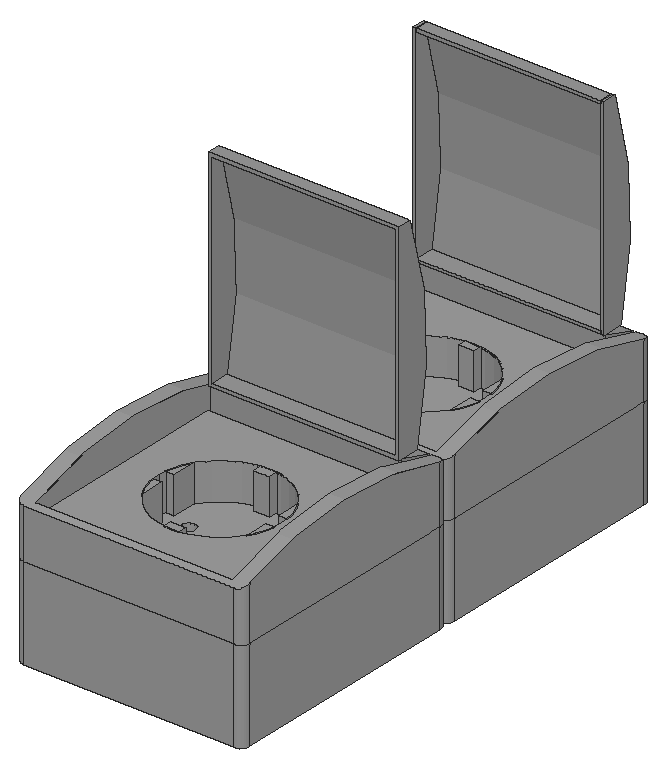
Revit family "2CKA002084A0719", category Electrical Fixtures, host Face, Revit 2014
Parameters
  Default Elevation = 1219.2 mm
Reference planes
  plane 1 "Center (Front/Back)": y = -41.5
  plane 2: z = 0
  plane 3 "Center (Left/Right)": x = 0
Forms (mm)
  Extrusion 1, solid, material "White", detail levels fine
    sketch origin (0, -83, 0) x (1, 0, 0) y (0, 1, 0)
      loop
        arc (-34, 41.5) -> (-36.121, 40.621) -> (-37, 38.5) r 3
        line (-37, 38.5) -> (-37, -38.5)
        arc (-37, -38.5) -> (-36.121, -40.621) -> (-34, -41.5) r 3
        line (-34, -41.5) -> (34, -41.5)
        arc (34, -41.5) -> (36.121, -40.621) -> (37, -38.5) r 3
        line (37, -38.5) -> (37, 38.5)
        arc (37, 38.5) -> (36.121, 40.621) -> (34, 41.5) r 3
        line (34, 41.5) -> (32, 41.5) -> (32, -39.5) -> (-32, -39.5) -> (-32, 41.5) -> (-34, 41.5)
    from 30 to 55
  Extrusion 2, solid, material "White", detail levels fine
    sketch origin (0, -83, 0) x (1, 0, 0) y (0, 1, 0)
      loop
        arc (-34, 41.5) -> (-36.121, 40.621) -> (-37, 38.5) r 3
        line (-37, 38.5) -> (-37, -38.5)
        arc (-37, -38.5) -> (-36.121, -40.621) -> (-34, -41.5) r 3
        line (-34, -41.5) -> (34, -41.5)
        arc (34, -41.5) -> (36.121, -40.621) -> (37, -38.5) r 3
        line (37, -38.5) -> (37, 38.5)
        arc (37, 38.5) -> (36.121, 40.621) -> (34, 41.5) r 3
        line (34, 41.5) -> (-34, 41.5)
    from 0 to 30
  Extrusion 3, solid, material "Blue", detail levels fine
    sketch origin (0, -83, 0) x (1, 0, 0) y (0, 1, 0)
      loop
        line (-31, 30.5) -> (31, 30.5) -> (31, 41.5) -> (-31, 41.5) -> (-31, 30.5)
    from 30 to 55
  Extrusion 4, void
    sketch origin (0, -83, 0) x (0, 1, 0) y (0, 0, 1)
      loop
        line (41.5, 47.95) -> (41.5, 81.018) -> (-72.183, 81.018) -> (-72.183, 27.614)
        arc (-72.183, 27.614) -> (-18.079, 53.087) -> (41.5, 47.95) r 115
    from -60.88 to 44.798
  Extrusion 5, solid, material "White", detail levels coarse
    sketch origin (0, -83, 0) x (1, 0, 0) y (0, 1, 0)
      loop
        line (-37, -41.5) -> (37, -41.5) -> (37, 124.5) -> (-37, 124.5) -> (-37, -41.5)
    from 0 to 55
  Extrusion 6, solid, material "White", not visible, detail levels medium
    sketch origin (0, 0, 0) x (1, 0, 0) y (0, 1, 0)
      loop
        circle (0, 0) r 20
      loop
        line (31.5, 31.5) -> (-31.5, 31.5) -> (-31.5, -31.5) -> (31.5, -31.5) -> (31.5, 31.5)
    from 0 to 14
  Extrusion 7, solid, material "White", not visible, detail levels medium+fine
    sketch origin (0, 0, 0) x (1, 0, 0) y (0, 1, 0)
      loop
        circle (0, 0) r 20
      loop
        circle (-10.2, 0) r 2.25
      loop
        circle (10.2, 0) r 2.25
    from 0 to 2.127
  Extrusion 8, solid, material "White", not visible, detail levels fine
    sketch origin (0, 0, 0) x (1, 0, 0) y (0, 1, 0)
      loop
        arc (-17, 10.536) -> (-18.855, 6.671) -> (-19.843, 2.5) r 20
        line (-19.843, 2.5) -> (-17, 2.5) -> (-17, 10.536)
      loop
        line (-17, -10.536) -> (-17, -2.5) -> (-19.843, -2.5)
        arc (-19.843, -2.5) -> (-18.855, -6.671) -> (-17, -10.536) r 20
      loop
        line (17, 10.536) -> (17, 2.5) -> (19.843, 2.5)
        arc (19.843, 2.5) -> (18.855, 6.671) -> (17, 10.536) r 20
      loop
        arc (17, -10.536) -> (18.855, -6.671) -> (19.843, -2.5) r 20
        line (19.843, -2.5) -> (17, -2.5) -> (17, -10.536)
    from 2.127 to 14
  Extrusion 9, solid, material "White", not visible, detail levels fine
    sketch origin (0, 0, 0) x (1, 0, 0) y (0, 1, 0)
      loop
        line (-2.5, 19.843) -> (-2.5, 17) -> (2.5, 17) -> (2.5, 19.843)
        arc (2.5, 19.843) -> (0, 20) -> (-2.5, 19.843) r 20
      loop
        arc (-2.5, -19.843) -> (0, -20) -> (2.5, -19.843) r 20
        line (2.5, -19.843) -> (2.5, -17) -> (-2.5, -17) -> (-2.5, -19.843)
    from 2.127 to 14
  Extrusion 10, solid, material "White", not visible, detail levels fine
    sketch origin (0, 0, 0) x (1, 0, 0) y (0, 1, 0)
      loop
        arc (-30.5, 31.5) -> (-31.207, 31.207) -> (-31.5, 30.5) r 1
        line (-31.5, 30.5) -> (-31.5, -30.5)
        arc (-31.5, -30.5) -> (-31.207, -31.207) -> (-30.5, -31.5) r 1
        line (-30.5, -31.5) -> (30.5, -31.5)
        arc (30.5, -31.5) -> (31.207, -31.207) -> (31.5, -30.5) r 1
        line (31.5, -30.5) -> (31.5, 30.5)
        arc (31.5, 30.5) -> (31.207, 31.207) -> (30.5, 31.5) r 1
        line (30.5, 31.5) -> (-30.5, 31.5)
      loop
        circle (0, 0) r 20
    from 0 to 14
  Extrusion 11, solid, material "White", not visible, detail levels medium
    sketch origin (0, 0, 0) x (1, 0, 0) y (0, 1, 0)
      loop
        circle (-10.2, 0) r 2.25
      loop
        circle (10.2, 0) r 2.25
    from 0 to 2.127
  Extrusion 12, solid, material "White", detail levels medium
    sketch origin (0, -87.5, 30) x (1, 0, 0) y (0, 1, 0)
      loop
        circle (0, 0) r 20
      loop
        line (31, 34) -> (-31, 34) -> (-31, -34) -> (31, -34) -> (31, 34)
    from 0 to 14
  Extrusion 13, solid, material "White", detail levels medium+fine
    sketch origin (0, -87.5, 30) x (1, 0, 0) y (0, 1, 0)
      loop
        circle (0, 0) r 20
      loop
        circle (-10.2, 0) r 2.25
      loop
        circle (10.2, 0) r 2.25
    from 0 to 2.127
  Extrusion 14, solid, material "White", detail levels fine
    sketch origin (0, -87.5, 30) x (1, 0, 0) y (0, 1, 0)
      loop
        arc (-17, 10.536) -> (-18.855, 6.671) -> (-19.843, 2.5) r 20
        line (-19.843, 2.5) -> (-17, 2.5) -> (-17, 10.536)
      loop
        line (-17, -10.536) -> (-17, -2.5) -> (-19.843, -2.5)
        arc (-19.843, -2.5) -> (-18.855, -6.671) -> (-17, -10.536) r 20
      loop
        line (17, 10.536) -> (17, 2.5) -> (19.843, 2.5)
        arc (19.843, 2.5) -> (18.855, 6.671) -> (17, 10.536) r 20
      loop
        arc (17, -10.536) -> (18.855, -6.671) -> (19.843, -2.5) r 20
        line (19.843, -2.5) -> (17, -2.5) -> (17, -10.536)
    from 2.127 to 14
  Extrusion 15, solid, material "White", detail levels fine
    sketch origin (0, -87.5, 30) x (1, 0, 0) y (0, 1, 0)
      loop
        line (-2.5, 19.843) -> (-2.5, 17) -> (2.5, 17) -> (2.5, 19.843)
        arc (2.5, 19.843) -> (0, 20) -> (-2.5, 19.843) r 20
      loop
        arc (-2.5, -19.843) -> (0, -20) -> (2.5, -19.843) r 20
        line (2.5, -19.843) -> (2.5, -17) -> (-2.5, -17) -> (-2.5, -19.843)
    from 2.127 to 14
  Extrusion 16, solid, material "White", detail levels fine
    sketch origin (0, -87.5, 30) x (1, 0, 0) y (0, 1, 0)
      loop
        arc (-30, 34) -> (-30.707, 33.707) -> (-31, 33) r 1
        line (-31, 33) -> (-31, -33)
        arc (-31, -33) -> (-30.707, -33.707) -> (-30, -34) r 1
        line (-30, -34) -> (30, -34)
        arc (30, -34) -> (30.707, -33.707) -> (31, -33) r 1
        line (31, -33) -> (31, 33)
        arc (31, 33) -> (30.707, 33.707) -> (30, 34) r 1
        line (30, 34) -> (-30, 34)
      loop
        circle (0, 0) r 20
    from 0 to 14
  Extrusion 17, solid, material "White", detail levels medium
    sketch origin (0, -87.5, 30) x (1, 0, 0) y (0, 1, 0)
      loop
        circle (-10.2, 0) r 2.25
      loop
        circle (10.2, 0) r 2.25
    from 0 to 2.127
  Extrusion 18, solid, material "Blue", detail levels medium
    sketch origin (0, -67.5, -2.348) x (0, 0, -1) y (0, 1, 0)
      loop
        line (-53.5, 14) -> (-53.5, 21.152)
        arc (-53.5, 21.152) -> (-87.711, 24.903) -> (-121.5, 18.364) r 115
        line (-121.5, 18.364) -> (-121.5, 14) -> (-53.5, 14)
    from -31 to 31
  Extrusion 19, solid, material "White", detail levels medium
    sketch origin (0, -83, 0) x (1, 0, 0) y (0, 1, 0)
      loop
        arc (-34, 41.5) -> (-36.121, 40.621) -> (-37, 38.5) r 3
        line (-37, 38.5) -> (-37, -38.5)
        arc (-37, -38.5) -> (-36.121, -40.621) -> (-34, -41.5) r 3
        line (-34, -41.5) -> (34, -41.5)
        arc (34, -41.5) -> (36.121, -40.621) -> (37, -38.5) r 3
        line (37, -38.5) -> (37, 38.5)
        arc (37, 38.5) -> (36.121, 40.621) -> (34, 41.5) r 3
        line (34, 41.5) -> (-34, 41.5)
      loop
        line (-31, 29.5) -> (-31, -38.5) -> (31, -38.5) -> (31, 29.5) -> (-31, 29.5)
    from 0 to 56.7
  Extrusion 20, solid, material "Blue", detail levels fine
    sketch origin (0, -67.5, -2.348) x (0, 0, -1) y (0, 1, 0)
      loop
        line (-53.5, 14) -> (-53.5, 21.152)
        arc (-53.5, 21.152) -> (-87.711, 24.903) -> (-121.5, 18.364) r 115
        line (-121.5, 18.364) -> (-121.5, 14) -> (-120.5, 14) -> (-120.5, 17.656)
        arc (-120.5, 17.656) -> (-87.702, 23.903) -> (-54.5, 20.38) r 114
        line (-54.5, 20.38) -> (-54.5, 14) -> (-53.5, 14)
    from -30 to 30
  Extrusion 21, solid, material "Blue", detail levels fine
    sketch origin (0, -67.5, -2.348) x (0, 0, -1) y (0, 1, 0)
      loop
        line (-53.5, 14) -> (-53.5, 21.152)
        arc (-53.5, 21.152) -> (-87.711, 24.903) -> (-121.5, 18.364) r 115
        line (-121.5, 18.364) -> (-121.5, 14) -> (-53.5, 14)
    from -31 to -30
  Extrusion 22, solid, material "Blue", detail levels fine
    sketch origin (0, -67.5, -2.348) x (0, 0, -1) y (0, 1, 0)
      loop
        line (-53.5, 14) -> (-53.5, 21.152)
        arc (-53.5, 21.152) -> (-87.711, 24.903) -> (-121.5, 18.364) r 115
        line (-121.5, 18.364) -> (-121.5, 14) -> (-53.5, 14)
    from 31 to 30
  Extrusion 23, solid, material "White", detail levels fine
    sketch origin (0, 0, 0) x (1, 0, 0) y (0, 1, 0)
      loop
        arc (-34, 41.5) -> (-36.121, 40.621) -> (-37, 38.5) r 3
        line (-37, 38.5) -> (-37, -38.5)
        arc (-37, -38.5) -> (-36.121, -40.621) -> (-34, -41.5) r 3
        line (-34, -41.5) -> (34, -41.5)
        arc (34, -41.5) -> (36.121, -40.621) -> (37, -38.5) r 3
        line (37, -38.5) -> (37, 38.5)
        arc (37, 38.5) -> (36.121, 40.621) -> (34, 41.5) r 3
        line (34, 41.5) -> (32, 41.5) -> (32, -39.5) -> (-32, -39.5) -> (-32, 41.5) -> (-34, 41.5)
    from 30 to 55
  Extrusion 24, solid, material "White", detail levels fine
    sketch origin (0, 0, 0) x (1, 0, 0) y (0, 1, 0)
      loop
        arc (-34, 41.5) -> (-36.121, 40.621) -> (-37, 38.5) r 3
        line (-37, 38.5) -> (-37, -38.5)
        arc (-37, -38.5) -> (-36.121, -40.621) -> (-34, -41.5) r 3
        line (-34, -41.5) -> (34, -41.5)
        arc (34, -41.5) -> (36.121, -40.621) -> (37, -38.5) r 3
        line (37, -38.5) -> (37, 38.5)
        arc (37, 38.5) -> (36.121, 40.621) -> (34, 41.5) r 3
        line (34, 41.5) -> (-34, 41.5)
    from 0 to 30
  Extrusion 25, solid, material "Blue", detail levels fine
    sketch origin (0, 0, 0) x (1, 0, 0) y (0, 1, 0)
      loop
        line (-31, 30.5) -> (31, 30.5) -> (31, 41.5) -> (-31, 41.5) -> (-31, 30.5)
    from 30 to 55
  Extrusion 26, void
    sketch origin (0, 0, 30) x (0, 1, 0) y (0, 0, 1)
      loop
        line (41.5, 17.251) -> (41.5, 81.018) -> (-41.5, 81.018) -> (-41.5, 17.251)
        arc (-41.5, 17.251) -> (0, 25) -> (41.5, 17.251) r 115
    from -60.88 to 44.798
  Extrusion 27, solid, material "White", detail levels medium
    sketch origin (0, -4.5, 30) x (1, 0, 0) y (0, 1, 0)
      loop
        circle (0, 0) r 20
      loop
        line (31, 34) -> (-31, 34) -> (-31, -34) -> (31, -34) -> (31, 34)
    from 0 to 14
  Extrusion 28, solid, material "White", detail levels medium+fine
    sketch origin (0, -4.5, 30) x (1, 0, 0) y (0, 1, 0)
      loop
        circle (0, 0) r 20
      loop
        circle (-10.2, 0) r 2.25
      loop
        circle (10.2, 0) r 2.25
    from 0 to 2.127
  Extrusion 29, solid, material "White", detail levels fine
    sketch origin (0, -4.5, 30) x (1, 0, 0) y (0, 1, 0)
      loop
        arc (-17, 10.536) -> (-18.855, 6.671) -> (-19.843, 2.5) r 20
        line (-19.843, 2.5) -> (-17, 2.5) -> (-17, 10.536)
      loop
        line (-17, -10.536) -> (-17, -2.5) -> (-19.843, -2.5)
        arc (-19.843, -2.5) -> (-18.855, -6.671) -> (-17, -10.536) r 20
      loop
        line (17, 10.536) -> (17, 2.5) -> (19.843, 2.5)
        arc (19.843, 2.5) -> (18.855, 6.671) -> (17, 10.536) r 20
      loop
        arc (17, -10.536) -> (18.855, -6.671) -> (19.843, -2.5) r 20
        line (19.843, -2.5) -> (17, -2.5) -> (17, -10.536)
    from 2.127 to 14
  Extrusion 30, solid, material "White", detail levels fine
    sketch origin (0, -4.5, 30) x (1, 0, 0) y (0, 1, 0)
      loop
        line (-2.5, 19.843) -> (-2.5, 17) -> (2.5, 17) -> (2.5, 19.843)
        arc (2.5, 19.843) -> (0, 20) -> (-2.5, 19.843) r 20
      loop
        arc (-2.5, -19.843) -> (0, -20) -> (2.5, -19.843) r 20
        line (2.5, -19.843) -> (2.5, -17) -> (-2.5, -17) -> (-2.5, -19.843)
    from 2.127 to 14
  Extrusion 31, solid, material "White", detail levels fine
    sketch origin (0, -4.5, 30) x (1, 0, 0) y (0, 1, 0)
      loop
        arc (-30, 34) -> (-30.707, 33.707) -> (-31, 33) r 1
        line (-31, 33) -> (-31, -33)
        arc (-31, -33) -> (-30.707, -33.707) -> (-30, -34) r 1
        line (-30, -34) -> (30, -34)
        arc (30, -34) -> (30.707, -33.707) -> (31, -33) r 1
        line (31, -33) -> (31, 33)
        arc (31, 33) -> (30.707, 33.707) -> (30, 34) r 1
        line (30, 34) -> (-30, 34)
      loop
        circle (0, 0) r 20
    from 0 to 14
  Extrusion 32, solid, material "White", detail levels medium
    sketch origin (0, -4.5, 30) x (1, 0, 0) y (0, 1, 0)
      loop
        circle (-10.2, 0) r 2.25
      loop
        circle (10.2, 0) r 2.25
    from 0 to 2.127
  Extrusion 33, solid, material "White", detail levels medium
    sketch origin (0, 0, 0) x (1, 0, 0) y (0, 1, 0)
      loop
        arc (-34, 41.5) -> (-36.121, 40.621) -> (-37, 38.5) r 3
        line (-37, 38.5) -> (-37, -38.5)
        arc (-37, -38.5) -> (-36.121, -40.621) -> (-34, -41.5) r 3
        line (-34, -41.5) -> (34, -41.5)
        arc (34, -41.5) -> (36.121, -40.621) -> (37, -38.5) r 3
        line (37, -38.5) -> (37, 38.5)
        arc (37, 38.5) -> (36.121, 40.621) -> (34, 41.5) r 3
        line (34, 41.5) -> (-34, 41.5)
      loop
        line (-31, 29.5) -> (-31, -38.5) -> (31, -38.5) -> (31, 29.5) -> (-31, 29.5)
    from 0 to 56.7
  Extrusion 34, solid, material "Blue", detail levels medium
    sketch origin (0, 15.5, -2.348) x (0, 0, -1) y (0, 1, 0)
      loop
        line (-53.5, 14) -> (-53.5, 21.152)
        arc (-53.5, 21.152) -> (-87.711, 24.903) -> (-121.5, 18.364) r 115
        line (-121.5, 18.364) -> (-121.5, 14) -> (-53.5, 14)
    from -31 to 31
  Extrusion 35, solid, material "Blue", detail levels fine
    sketch origin (0, 15.5, -2.348) x (0, 0, -1) y (0, 1, 0)
      loop
        line (-53.5, 14) -> (-53.5, 21.152)
        arc (-53.5, 21.152) -> (-87.711, 24.903) -> (-121.5, 18.364) r 115
        line (-121.5, 18.364) -> (-121.5, 14) -> (-120.5, 14) -> (-120.5, 17.656)
        arc (-120.5, 17.656) -> (-87.702, 23.903) -> (-54.5, 20.38) r 114
        line (-54.5, 20.38) -> (-54.5, 14) -> (-53.5, 14)
    from -30 to 30
  Extrusion 36, solid, material "Blue", detail levels fine
    sketch origin (0, 15.5, -2.348) x (0, 0, -1) y (0, 1, 0)
      loop
        line (-53.5, 14) -> (-53.5, 21.152)
        arc (-53.5, 21.152) -> (-87.711, 24.903) -> (-121.5, 18.364) r 115
        line (-121.5, 18.364) -> (-121.5, 14) -> (-53.5, 14)
    from -31 to -30
  Extrusion 37, solid, material "Blue", detail levels fine
    sketch origin (0, 15.5, -2.348) x (0, 0, -1) y (0, 1, 0)
      loop
        line (-53.5, 14) -> (-53.5, 21.152)
        arc (-53.5, 21.152) -> (-87.711, 24.903) -> (-121.5, 18.364) r 115
        line (-121.5, 18.364) -> (-121.5, 14) -> (-53.5, 14)
    from 31 to 30
Cuts and joins
  Extrusion 4, Extrusion 26 cuts Extrusion 1
  Extrusion 4, Extrusion 26 cuts Extrusion 3
  Extrusion 4, Extrusion 26 cuts Extrusion 19
  Extrusion 26 cuts Extrusion 20
  Extrusion 26 cuts Extrusion 21
  Extrusion 26 cuts Extrusion 22
  joined: Extrusion 20, Extrusion 21, Extrusion 22
  Extrusion 26 cuts Extrusion 18
  Extrusion 26 cuts Extrusion 23
  Extrusion 26 cuts Extrusion 25
  Extrusion 26 cuts Extrusion 33
Lines and regions (mm)
  reference lines
    curve 1: line (0, 41.5, 0) -> (0, -124.5, 0)
  model lines, detail levels coarse
    curve 2: arc (-20, -87.5, 55) -> (0, -67.5, 55) -> (20, -87.5, 55) r 20
    curve 3: arc (20, -87.5, 55) -> (0, -107.5, 55) -> (-20, -87.5, 55) r 20
    curve 4: arc (-12.45, -87.5, 55) -> (-10.2, -89.75, 55) -> (-7.95, -87.5, 55) r 2.25
    curve 5: arc (-7.95, -87.5, 55) -> (-10.2, -85.25, 55) -> (-12.45, -87.5, 55) r 2.25
    curve 6: arc (7.95, -87.5, 55) -> (10.2, -89.75, 55) -> (12.45, -87.5, 55) r 2.25
    curve 7: arc (12.45, -87.5, 55) -> (10.2, -85.25, 55) -> (7.95, -87.5, 55) r 2.25
    curve 8: arc (20, -4.5, 55) -> (0, -24.5, 55) -> (-20, -4.5, 55) r 20
    curve 9: arc (-20, -4.5, 55) -> (0, 15.5, 55) -> (20, -4.5, 55) r 20
    curve 10: arc (-12.45, -4.5, 55) -> (-10.2, -6.75, 55) -> (-7.95, -4.5, 55) r 2.25
    curve 11: arc (-7.95, -4.5, 55) -> (-10.2, -2.25, 55) -> (-12.45, -4.5, 55) r 2.25
    curve 12: arc (7.95, -4.5, 55) -> (10.2, -6.75, 55) -> (12.45, -4.5, 55) r 2.25
    curve 13: arc (12.45, -4.5, 55) -> (10.2, -2.25, 55) -> (7.95, -4.5, 55) r 2.25
Dimensions and locks
  aligned and locked: plane 2 to host face
  aligned and locked: level to host face
Connectors
  electrical at (0, 0, 0)
    settings: on Extrusion 24, index 1, voltage 230 V, apparent load 0 VA, apparent load phase1 0 VA, apparent load phase2 0 VA, apparent load phase3 0 VA, power factor 1, load classification "Other", number of poles 1, system type 31, power factor state 1, is connector primary yes, connector utility no, sub classification motor no, connector description ""
  electrical at (0, -83, 0)
    settings: on Extrusion 2, index 2, voltage 230 V, apparent load 0 VA, apparent load phase1 0 VA, apparent load phase2 0 VA, apparent load phase3 0 VA, power factor 1, load classification "Other", number of poles 1, system type 31, power factor state 1, is connector primary no, connector utility no, sub classification motor no, connector description ""
